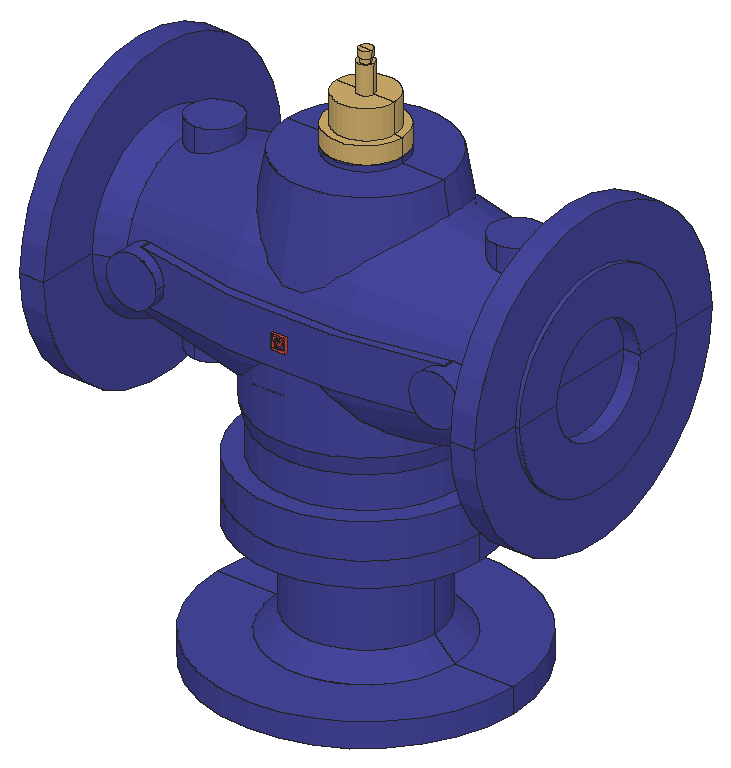
Revit family "Клапан трехходовой регулирующий, фланцевый F 4037", category Rohrzubehör, Revit 2018
Family settings
  Bemaßung runder Anschluss = Durchmesser verwenden
  Teiletyp = Unterbricht
  OmniClass-Nummer = 23.65.55.14
  OmniClass-Titel = Valves for Liquid Services
  Arbeitsebenenbasiert = Nein
  Immer vertikal = Ja
  Beim Laden mit Abzugskörper schneiden = Nein
  Gemeinsam genutzt = Nein
Parameters (values of type "kvs63")
  Среда = "Качество очистки воды должно соответствовать нормам ÖNORM H 5195 и VDI 2035 стандартам."
  Номер заказа [instance] = if(and(kvs1, Nennweite = 15 mm), 403701, if(and(kvs1.6, Nennweite = 15 mm), 403711, if(and(kvs2.5, Nennweite = 15 mm), 403721, if(and(kvs4, Nennweite = 15 mm), 403731, if(and(kvs6.3, Nennweite = 25 mm), 403703, if(and(kvs10, Nennweite = 25 mm), 403713, if(and(kvs16, Nennweite = 32 mm), 403704, if(and(kvs25, Nennweite = 40 mm), 403705, if(and(kvs40, Nennweite = 50 mm), 403706, if(and(kvs63, Nennweite = 65 mm), 403707, if(and(kvs100, Nennweite = 80 mm), 403708, if(and(kvs160, Nennweite = 100 mm), 403709, if(and(kvs250, Nennweite = 125 mm), 403710, if(and(kvs330, Nennweite = 150 mm), 403741, 0))))))))))))))  # 403707
  Вес [instance] = size_lookup("4037_", "Gewicht", 25, Nennweite)  # 25
  kvs63 = yes
  kvs6.3 = no
  kvs40 = no
  kvs4 = no
  kvs330 = no
  kvs250 = no
  kvs25 = no
  kvs2.5 = no
  kvs160 = no
  kvs16 = no
  kvs100 = no
  kvs10 = no
  kvs1.6 = no
  kvs1 = no
  Седло клапана = "WN1.4021"  # constant formula
  Конус клапана = "WN1.4021/латунь"  # constant formula
  Пропускная характеристика клапана = "равнопроцентная"  # constant formula
  URL = "www.herz-armaturen.ru"
  Шток = "WN1.4404"  # constant formula
  SCTWSEQ = "FW;SBT_TYP_FW=\"101\";3"
  SCTWCODE = "04;05;03"  # constant formula
  SCRNSEQ = "ARM;ARM_TYP=\"MISV\";3"
  SCRNCODE = "05;18;03"  # constant formula
  R14 = 4 mm  # constant formula
  R13 = 3 mm  # constant formula
  R12 = 5 mm  # constant formula
  R11 [instance] = size_lookup("4037_", "R11", 18 mm, Nennweite)  # 18 mm
  R10 [instance] = size_lookup("4037_", "R10", 23 mm, Nennweite)  # 23 mm
  R09 [instance] = size_lookup("4037_", "R9", 49 mm, Nennweite)  # 49 mm
  R08 [instance] = R00 + 3 mm  # 68 mm
  R07 [instance] = size_lookup("4037_", "R7", 15.5 mm, Nennweite)  # 15.5 mm
  R06 [instance] = size_lookup("4037_", "R6", 15.5 mm, Nennweite)  # 15.5 mm
  R05 [instance] = size_lookup("4037_", "R5", 62.5 mm, Nennweite)  # 62.5 mm
  R04 [instance] = size_lookup("4037_", "R4", 59.5 mm, Nennweite)  # 59.5 mm
  R03 [instance] = size_lookup("4037_", "R3", 43 mm, Nennweite)  # 71 mm
  R02 [instance] = size_lookup("4037_", "R2", 43 mm, Nennweite)  # 43 mm
  R01 [instance] = size_lookup("4037_", "R1", 55.5 mm, Nennweite)  # 55.5 mm
  R00 [instance] = size_lookup("4037_", "R", 65 mm, Nennweite)  # 65 mm
  PN = 16  # constant formula
  Nennweite [instance] = 65 mm
  Мин. рабочая температура = 5 °C  # constant formula
  Макс. рабочая температура = 150 °C  # constant formula
  Макс. рабочее давление = 1600000.0 Pa  # constant formula
  LO1 [instance] = size_lookup("4037_", "LO1", 28.5 mm, Nennweite)  # 68 mm
  L07 [instance] = L06 - R06  # 94.5 mm
  L06 [instance] = size_lookup("4037_", "L6", 110 mm, Nennweite)  # 110 mm
  L05 [instance] = D00  # 92.5 mm
  L04 = 12.5 mm  # constant formula
  L03 = 10 mm  # constant formula
  L02 [instance] = size_lookup("4037_", "L2", 15 mm, Nennweite)  # 15 mm
  L01 = 3 mm  # constant formula
  L00 [instance] = size_lookup("4037_", "L", 145 mm, Nennweite)  # 145 mm
  Hersteller = "Herz-Armaturen GmbH"  # constant formula
  H16 [instance] = size_lookup("4037_", "H16", 22 mm, Nennweite)  # 22 mm
  H15 = 4 mm  # constant formula
  H14 [instance] = size_lookup("4037_", "H14", 17 mm, Nennweite)  # 17 mm
  H13 [instance] = size_lookup("4037_", "H13", 18 mm, Nennweite)  # 18 mm
  H12 [instance] = size_lookup("4037_", "H12", 10.5 mm, Nennweite)  # 10.5 mm
  H11 [instance] = size_lookup("4037_", "H11", 52.5 mm, Nennweite)  # 52.5 mm
  H10 [instance] = size_lookup("4037_", "H10", 135.4 mm, Nennweite)  # 135.4 mm
  H09 = 3 mm  # constant formula
  H08 [instance] = size_lookup("4037_", "H8", 79 mm, Nennweite)  # 79 mm
  H07 [instance] = R00  # 65 mm
  H06 [instance] = size_lookup("4037_", "H6", 59 mm, Nennweite)  # 59 mm
  H05 [instance] = size_lookup("4037_", "H5", 20 mm, Nennweite)  # 20 mm
  H04 [instance] = size_lookup("4037_", "H4", 17 mm, Nennweite)  # 17 mm
  H02 [instance] = size_lookup("4037_", "H2", 38 mm, Nennweite)  # 38 mm
  H01 [instance] = size_lookup("4037_", "H1", 208 mm, Nennweite)  # 208 mm
  H03 [instance] = size_lookup("4037_", "H3", 112 mm, Nennweite)  # 112 mm
  Корпус = "EN-GJL-250 (EN 1561)"  # constant formula
  Материал уплотнения = "70EPDM"  # constant formula
  DN80 [instance] = Nennweite = 80 mm  # no
  DN65 [instance] = Nennweite = 65 mm  # yes
  DN50 [instance] = Nennweite = 50 mm  # no
  DN40 [instance] = Nennweite = 40 mm  # no
  DN32 [instance] = Nennweite = 32 mm  # no
  DN25 [instance] = Nennweite = 25 mm  # no
  DN150 [instance] = Nennweite = 150 mm  # no
  DN15 [instance] = Nennweite = 15 mm  # no
  DN125 [instance] = Nennweite = 125 mm  # no
  DN100 [instance] = Nennweite = 100 mm  # no
  D02 [instance] = Nennweite / 2  # 32.5 mm
  D01 [instance] = size_lookup("4037_", "D1", 61 mm, Nennweite)  # 61 mm
  D00 [instance] = size_lookup("4037_", "D", 92.5 mm, Nennweite)  # 92.5 mm
  Область применения = "Клапан применяется в системах отопления, вентиляции и кондиционирования воздуха, в производственных и технологических процессах. Трехходовой фланцевый клапан используется как смесительный клапан и в случае, когда следует изменить направление циркуляции воды с одного трубопровода на другой. Пропускная характеристика клапана - равнопроцентная. Соотношение регулирования (соотношение между пропускной\r\nспособностью при номинальной высоте хода Kvs и минимальным значением пропускной способности,\r\nпри которой погрешность регулирования находится в пределах номинального допуска Kvmin) - 30. Выбор\r\nтрехходового фланцевого клапана осущетвляется в соответствии с диаграммой значений kvs."
  Фланцевое соединение = "EN 1092-2"  # constant formula
Types (15, lengths in mm): name | Среда | Номер заказа | Вес | kvs63 | kvs6.3 | kvs40 | kvs4 | kvs330 | kvs250 | kvs25 | kvs2.5 | kvs160 | kvs16 | kvs100 | kvs10 | kvs1.6 | kvs1 | R11 | R10 | R09 | R08 | R07 | R06 | R05 | R04 | R03 | R02 | R01 | R00 | Nennweite | LO1 | L07 | L06 | L05 | L02 | L00 | H16 | H14 | H13 | H12 | H11 | H10 | H08 | H07 | H06 | H05 | H04 | H02 | H01 | H03 | DN80 | DN65 | DN50 | DN40 | DN32 | DN25 | DN150 | DN15 | DN125 | DN100 | D02 | D01 | D00
  (no name) | "Качество очистки воды должно соответствовать нормам ÖNORM H 5195 и VDI 2035 стандартам." | 403707 | 25 | yes | no | no | no | no | no | no | no | no | no | no | no | no | no | 18 | 23 | 49 | 68 | 15.5 | 15.5 | 62.5 | 59.5 | 71 | 43 | 55.5 | 65 | 65 | 68 | 94.5 | 110 | 92.5 | 15 | 145 | 22 | 17 | 18 | 10.5 | 52.5 | 135.4 | 79 | 65 | 59 | 20 | 17 | 38 | 208 | 112 | no | yes | no | no | no | no | no | no | no | no | 32.5 | 61 | 92.5
  kvs1 | "Качество очистки воды должно соответствовать нормам ÖNORM H 5195 и VDI 2035 стандартам." | 403701 | 5 | no | no | no | no | no | no | no | no | no | no | no | no | no | yes | 10 | 15 | 19.5 | 29.5 | 6 | 6 | 24 | 21 | 32.5 | 14 | 17 | 26.5 | 15 | 27.5 | 34 | 40 | 47.5 | 11 | 65 | 18 | 13 | 14 | 6.8 | 40.8 | 80.3 | 36.5 | 26.5 | 24.5 | 5 | 13 | 11 | 110 | 49 | no | no | no | no | no | no | no | yes | no | no | 7.5 | 22.5 | 47.5
  kvs1.6 | "Качество очистки воды должно соответствовать нормам ÖNORM H 5195 и VDI 2035 стандартам." | 403711 | 5 | no | no | no | no | no | no | no | no | no | no | no | no | yes | no | 10 | 15 | 19.5 | 29.5 | 6 | 6 | 24 | 21 | 32.5 | 14 | 17 | 26.5 | 15 | 27.5 | 34 | 40 | 47.5 | 11 | 65 | 18 | 13 | 14 | 6.8 | 40.8 | 80.3 | 36.5 | 26.5 | 24.5 | 5 | 13 | 11 | 110 | 49 | no | no | no | no | no | no | no | yes | no | no | 7.5 | 22.5 | 47.5
  kvs2.5 | "Качество очистки воды должно соответствовать нормам ÖNORM H 5195 и VDI 2035 стандартам." | 403721 | 5 | no | no | no | no | no | no | no | yes | no | no | no | no | no | no | 10 | 15 | 19.5 | 29.5 | 6 | 6 | 24 | 21 | 32.5 | 14 | 17 | 26.5 | 15 | 27.5 | 34 | 40 | 47.5 | 11 | 65 | 18 | 13 | 14 | 6.8 | 40.8 | 80.3 | 36.5 | 26.5 | 24.5 | 5 | 13 | 11 | 110 | 49 | no | no | no | no | no | no | no | yes | no | no | 7.5 | 22.5 | 47.5
  kvs4 | "Качество очистки воды должно соответствовать нормам ÖNORM H 5195 и VDI 2035 стандартам." | 403731 | 5 | no | no | no | yes | no | no | no | no | no | no | no | no | no | no | 10 | 15 | 19.5 | 29.5 | 6 | 6 | 24 | 21 | 32.5 | 14 | 17 | 26.5 | 15 | 27.5 | 34 | 40 | 47.5 | 11 | 65 | 18 | 13 | 14 | 6.8 | 40.8 | 80.3 | 36.5 | 26.5 | 24.5 | 5 | 13 | 11 | 110 | 49 | no | no | no | no | no | no | no | yes | no | no | 7.5 | 22.5 | 47.5
  kvs6.3 | "Качество очистки воды должно соответствовать нормам ÖNORM H 5195 и VDI 2035 стандартам." | 403703 | 8 | no | yes | no | no | no | no | no | no | no | no | no | no | no | no | 10 | 15 | 19.5 | 41 | 7 | 7 | 35.5 | 32.5 | 44 | 19.5 | 28.5 | 38 | 25 | 40 | 45 | 52 | 57.5 | 13 | 80 | 20 | 13 | 14 | 6.8 | 40.8 | 88.3 | 44.5 | 38 | 35 | 5 | 15 | 3 | 121 | 64 | no | no | no | no | no | yes | no | no | no | no | 12.5 | 34 | 57.5
  kvs10 | "Качество очистки воды должно соответствовать нормам ÖNORM H 5195 и VDI 2035 стандартам." | 403713 | 8 | no | no | no | no | no | no | no | no | no | no | no | yes | no | no | 10 | 15 | 19.5 | 41 | 7 | 7 | 35.5 | 32.5 | 44 | 19.5 | 28.5 | 38 | 25 | 40 | 45 | 52 | 57.5 | 13 | 80 | 20 | 13 | 14 | 6.8 | 40.8 | 88.3 | 44.5 | 38 | 35 | 5 | 15 | 3 | 121 | 64 | no | no | no | no | no | yes | no | no | no | no | 12.5 | 34 | 57.5
  kvs16 | "Качество очистки воды должно соответствовать нормам ÖNORM H 5195 и VDI 2035 стандартам." | 403704 | 11.5 | no | no | no | no | no | no | no | no | no | yes | no | no | no | no | 10 | 15 | 20.5 | 46 | 9 | 9 | 40.5 | 37.5 | 49 | 24.5 | 33.5 | 43 | 32 | 45 | 51 | 60 | 70 | 13 | 90 | 20 | 17 | 18 | 10.5 | 52.5 | 102 | 46.5 | 43 | 39 | 15 | 15 | 4 | 142 | 84 | no | no | no | no | yes | no | no | no | no | no | 16 | 39 | 70
  kvs25 | "Качество очистки воды должно соответствовать нормам ÖNORM H 5195 и VDI 2035 стандартам." | 403705 | 13 | no | no | no | no | no | no | yes | no | no | no | no | no | no | no | 10 | 15 | 20.5 | 51 | 12 | 12 | 45.5 | 42.5 | 54 | 29 | 38.5 | 48 | 40 | 50 | 56 | 68 | 75 | 13 | 100 | 20 | 17 | 18 | 10.5 | 52.5 | 112 | 56.5 | 48 | 43 | 20 | 15 | 1 | 149 | 94 | no | no | no | yes | no | no | no | no | no | no | 20 | 44 | 75
  kvs63 | "Качество очистки воды должно соответствовать нормам ÖNORM H 5195 и VDI 2035 стандартам." | 403707 | 25 | yes | no | no | no | no | no | no | no | no | no | no | no | no | no | 18 | 23 | 49 | 68 | 15.5 | 15.5 | 62.5 | 59.5 | 71 | 43 | 55.5 | 65 | 65 | 68 | 94.5 | 110 | 92.5 | 15 | 145 | 22 | 17 | 18 | 10.5 | 52.5 | 135.4 | 79 | 65 | 59 | 20 | 17 | 38 | 208 | 112 | no | yes | no | no | no | no | no | no | no | no | 32.5 | 61 | 92.5
  kvs100 | "Качество очистки воды должно соответствовать нормам ÖNORM H 5195 и VDI 2035 стандартам." | 403708 | 31 | no | no | no | no | no | no | no | no | no | no | yes | no | no | no | 18 | 23 | 49 | 76 | 15.5 | 15.5 | 70.5 | 67.5 | 79 | 51 | 63.5 | 73 | 80 | 77 | 99.5 | 115 | 100 | 17 | 155 | 24 | 17 | 18 | 10.5 | 52.5 | 168.5 | 113 | 73 | 65 | 20 | 19 | 46 | 233 | 125 | yes | no | no | no | no | no | no | no | no | no | 40 | 69 | 100
  kvs160 | "Качество очистки воды должно соответствовать нормам ÖNORM H 5195 и VDI 2035 стандартам." | 403709 | 46 | no | no | no | no | no | no | no | no | yes | no | no | no | no | no | 30 | 35 | 61 | 86 | 20.5 | 20.5 | 80.5 | 77.5 | 89 | 61 | 73.5 | 83 | 100 | 88 | 112.5 | 133 | 110 | 17 | 175 | 24 | 21 | 22 | 14.2 | 64.2 | 189.7 | 122.5 | 83 | 73 | 25 | 19 | 65 | 262 | 135 | no | no | no | no | no | no | no | no | no | yes | 50 | 79 | 110
  kvs250 | "" | 403710 | 72 | no | no | no | no | no | yes | no | no | no | no | no | no | no | no | 30 | 35 | 61 | 101 | 20.5 | 20.5 | 95.5 | 92.5 | 104 | 76 | 88.5 | 98 | 125 | 103 | 134.5 | 155 | 125 | 19 | 200 | 26 | 21 | 22 | 14.2 | 64.2 | 231 | 163.5 | 98 | 80 | 30 | 21 | 44 | 268 | 158 | no | no | no | no | no | no | no | no | yes | no | 62.5 | 94 | 125
  kvs330 | "Качество очистки воды должно соответствовать нормам ÖNORM H 5195 и VDI 2035 стандартам." | 403741 | 91 | no | no | no | no | yes | no | no | no | no | no | no | no | no | no | 30 | 35 | 61 | 113 | 20.5 | 20.5 | 107.5 | 104.5 | 116 | 88 | 100.5 | 110 | 150 | 115 | 174.5 | 195 | 142.5 | 19 | 240 | 26 | 21 | 22 | 14.2 | 64.2 | 237.5 | 170 | 110 | 85 | 25 | 21 | 42 | 261 | 153 | no | no | no | no | no | no | yes | no | no | no | 75 | 106 | 142.5
  kvs40 | "Качество очистки воды должно соответствовать нормам ÖNORM H 5195 и VDI 2035 стандартам." | 403706 | 16 | no | no | yes | no | no | no | no | no | no | no | no | no | no | no | 18 | 23 | 49 | 56 | 13.5 | 13.5 | 52.5 | 49.5 | 61 | 34 | 45.5 | 53 | 50 | 56 | 66.5 | 80 | 82.5 | 15 | 115 | 20 | 17 | 18 | 10.5 | 52.5 | 122 | 66.5 | 53 | 43 | 1 | 15 | 42 | 167 | 67 | no | no | yes | no | no | no | no | no | no | no | 25 | 51 | 82.5
Reference planes
  plane 1 "Mitte (Vorne/hinten)": y = 0
  plane 2: z = 0
  plane 3 "Mitte (Links/rechts)": x = 0
Forms (mm)
  Revolve 1, solid, material "kunststoff-BLAU", detail levels fine
    sketch origin (1065, 0, 0) x (1, 0, 0) y (0, 1, 0)
      loop
        line (-1207, 61) -> (-1210, 61) -> (-1210, 32.5) -> (-1200, 32.5) -> (-1200, 0) -> (-930, 0) -> (-930, 32.5) -> (-920, 32.5) -> (-920, 61) -> (-923, 61) -> (-923, 92.5) -> (-938, 92.5) -> (-938, 55.5) -> (-955, 49.943)
        arc (-955, 49.943) -> (-1065, 65) -> (-1175, 49.943) r 409.331
        line (-1175, 49.943) -> (-1192, 55.5) -> (-1192, 92.5) -> (-1207, 92.5) -> (-1207, 61)
      axis (-920, 0) -> (-1210, 0)
    angle from 0 to 360
  Extrusion 2, solid, material "kunststoff-BLAU", detail levels fine
    sketch origin (0, 0, 0) x (-1, 0, 0) y (0, 0, -1)
      loop
        circle (94.5, 0) r 15.5
      loop
        circle (-94.5, 0) r 15.5
    from -65 to 65
  Extrusion 3, solid, material "kunststoff-BLAU", visible <- "DN65", detail levels fine
    sketch origin (0, 0, 0) x (1, 0, 0) y (0, 1, 0)
      loop
        arc (-95, -56.907) -> (0, -68) -> (95, -56.907) r 412.331
        line (95, -56.907) -> (95, 56.907)
        arc (95, 56.907) -> (0, 68) -> (-95, 56.907) r 412.331
        line (-95, 56.907) -> (-95, -56.907)
    from -15.5 to 15.5
  Revolve 4, solid, material "kunststoff-BLAU", detail levels fine
    sketch origin (0, 0, 0) x (1, 0, 0) y (0, 0, 1)
      loop
        line (-49, 79) -> (-62.5, 0) -> (0, 0) -> (0, 82) -> (-23, 82) -> (-23, 79) -> (-49, 79)
      axis (0, 82) -> (0, 0)
    angle from 0 to 360
  Revolve 5, solid, material "kunststoff-BLAU", detail levels fine
    sketch origin (0, 0, 0) x (1, 0, 0) y (0, 0, 1)
      loop
        line (0, 0) -> (-62.5, 0) -> (-62.5, -59) -> (-59.5, -70) -> (-59.5, -90) -> (-71, -90) -> (-71, -112) -> (0, -112) -> (0, 0)
      axis (0, 0) -> (0, -112)
    angle from 0 to 360
  Revolve 6, solid, material "kunststoff-BLAU", detail levels fine
    sketch origin (0, 0, 0) x (1, 0, 0) y (0, 0, 1)
      loop
        line (-61, -205) -> (-61, -208) -> (-32.5, -208) -> (-32.5, -198) -> (0, -198) -> (0, -112) -> (-71, -112) -> (-71, -127) -> (-55.5, -127) -> (-43, -139.5) -> (-43, -177.5) -> (-55.5, -190) -> (-92.5, -190) -> (-92.5, -205) -> (-61, -205)
      axis (0, -112) -> (0, -208)
    angle from 0 to 360
  Extrusion 7, solid, material "kunststoff-BLAU", detail levels fine
    sketch origin (0, 0, 0) x (0, -1, 0) y (1, 0, 0)
      loop
        circle (0, -94.5) r 15.5
      loop
        circle (0, 94.5) r 15.5
    from -65 to 65
  Extrusion 8, solid, material "kunststoff-BLAU", visible <- "DN150", detail levels fine
    sketch origin (0, 0, 0) x (1, 0, 0) y (0, 1, 0)
      loop
        arc (-179.5, -78.475) -> (0, -115) -> (179.5, -78.475) r 459.331
        line (179.5, -78.475) -> (179.5, 78.475)
        arc (179.5, 78.475) -> (0, 115) -> (-179.5, 78.475) r 459.331
        line (-179.5, 78.475) -> (-179.5, -78.475)
    from -20.5 to 20.5
  Extrusion 9, solid, material "kunststoff-BLAU", visible <- "DN125", detail levels fine
    sketch origin (0, 0, 0) x (1, 0, 0) y (0, 1, 0)
      loop
        arc (-134.5, -82.301) -> (0, -103) -> (134.5, -82.301) r 447.331
        line (134.5, -82.301) -> (134.5, 82.301)
        arc (134.5, 82.301) -> (0, 103) -> (-134.5, 82.301) r 447.331
        line (-134.5, 82.301) -> (-134.5, -82.301)
    from -20.5 to 20.5
  Extrusion 10, solid, material "kunststoff-BLAU", visible <- "DN100", detail levels fine
    sketch origin (0, 0, 0) x (1, 0, 0) y (0, 1, 0)
      loop
        arc (-112.5, -73.106) -> (0, -88) -> (112.5, -73.106) r 432.331
        line (112.5, -73.106) -> (112.5, 73.106)
        arc (112.5, 73.106) -> (0, 88) -> (-112.5, 73.106) r 432.331
        line (-112.5, 73.106) -> (-112.5, -73.106)
    from -20.5 to 20.5
  Extrusion 11, solid, material "kunststoff-BLAU", visible <- "DN80", detail levels fine
    sketch origin (0, 0, 0) x (1, 0, 0) y (0, 1, 0)
      loop
        line (99.5, -65.083) -> (99.5, 65.083)
        arc (99.5, 65.083) -> (0, 77) -> (-99.5, 65.083) r 421.331
        line (-99.5, 65.083) -> (-99.5, -65.083)
        arc (-99.5, -65.083) -> (0, -77) -> (99.5, -65.083) r 421.331
    from -15.5 to 15.5
  Extrusion 12, solid, material "kunststoff-BLAU", visible <- "DN50", detail levels fine
    sketch origin (0, 0, 0) x (1, 0, 0) y (0, 1, 0)
      loop
        arc (-66.5, -50.44) -> (0, -56.006) -> (66.5, -50.44) r 400.05
        line (66.5, -50.44) -> (66.5, 50.44)
        arc (66.5, 50.44) -> (0, 56.006) -> (-66.5, 50.44) r 400.05
        line (-66.5, 50.44) -> (-66.5, -50.44)
    from -13.5 to 13.5
  Extrusion 13, solid, material "kunststoff-BLAU", visible <- "DN40", detail levels fine
    sketch origin (0, 0, 0) x (1, 0, 0) y (0, 1, 0)
      loop
        arc (-56, -46.003) -> (0, -50) -> (56, -46.003) r 394.331
        line (56, -46.003) -> (56, 46.003)
        arc (56, 46.003) -> (0, 50) -> (-56, 46.003) r 394.331
        line (-56, 46.003) -> (-56, -46.003)
    from -12 to 12
  Extrusion 14, solid, material "kunststoff-BLAU", visible <- "DN32", detail levels fine
    sketch origin (0, 0, 0) x (1, 0, 0) y (0, 1, 0)
      loop
        arc (-51, -41.645) -> (0, -45) -> (51, -41.645) r 389.331
        line (51, -41.645) -> (51, 41.645)
        arc (51, 41.645) -> (0, 45) -> (-51, 41.645) r 389.331
        line (-51, 41.645) -> (-51, -41.645)
    from -9 to 9
  Extrusion 15, solid, material "kunststoff-BLAU", visible <- "DN25", detail levels fine
    sketch origin (0, 0, 0) x (1, 0, 0) y (0, 1, 0)
      loop
        line (45, -37.356) -> (45, 37.356)
        arc (45, 37.356) -> (0, 40) -> (-45, 37.356) r 384.331
        line (-45, 37.356) -> (-45, -37.356)
        arc (-45, -37.356) -> (0, -40) -> (45, -37.356) r 384.331
    from -7 to 7
  Extrusion 16, solid, material "kunststoff-BLAU", visible <- "DN15", detail levels fine
    sketch origin (0, 0, 0) x (1, 0, 0) y (0, 1, 0)
      loop
        line (-34, 25.942) -> (-34, -25.942)
        arc (-34, -25.942) -> (0, -27.5) -> (34, -25.942) r 371.831
        line (34, -25.942) -> (34, 25.942)
        arc (34, 25.942) -> (0, 27.5) -> (-34, 25.942) r 371.831
    from -6 to 6
  Revolve 17, solid, material "Messing-poliert", detail levels fine
    sketch origin (0, 0, 0) x (1, 0, 0) y (0, 0, 1)
      loop
        line (-23, 93.4) -> (-23, 82.9) -> (0, 82.9) -> (0, 135.4) -> (-4, 135.4) -> (-4, 131.4) -> (-3, 131.4) -> (-3, 128.4) -> (-5, 128.4) -> (-5, 111.4) -> (-18, 111.4) -> (-18, 93.4) -> (-23, 93.4)
      axis (0, 135.4) -> (0, 82.9)
    angle from 0 to 360
Lines and regions (mm)
  model lines, detail levels coarse+medium
    curve 1: line (-145, 0, 92.5) -> (-145, 0, -92.5)
    curve 2: line (-145, 0, -92.5) -> (145, 0, 92.5)
    curve 3: line (145, 0, 92.5) -> (145, 0, -92.5)
    curve 4: line (145, 0, -92.5) -> (-145, 0, 92.5)
    curve 5: line (0, 0, 0) -> (92.5, 0, -208)
    curve 6: line (92.5, 0, -208) -> (-92.5, 0, -208)
    curve 7: line (-92.5, 0, -208) -> (0, 0, 0)
    curve 8: line (-145, 92.5, 0) -> (-145, -92.5, 0)
    curve 9: line (-145, -92.5, 0) -> (145, 92.5, 0)
    curve 10: line (145, 92.5, 0) -> (145, -92.5, 0)
    curve 11: line (145, -92.5, 0) -> (-145, 92.5, 0)
    curve 12: line (0, 0, 0) -> (92.5, -208, 0)
    curve 13: line (92.5, -208, 0) -> (-92.5, -208, 0)
    curve 14: line (-92.5, -208, 0) -> (0, 0, 0)
Dimensions and locks
  "L00": Revolve 1 sketch curve to plane 3 "Mitte (Links/rechts)" to Revolve 1 sketch curve
  "D00": plane 1 "Mitte (Vorne/hinten)" to Revolve 1 sketch curve  (x2)
  "D02": plane 1 "Mitte (Vorne/hinten)" to Revolve 1 sketch curve  (x2)
  "L01": Revolve 1 sketch curve to Revolve 1 sketch curve  (x2)
  "L02": Revolve 1 sketch curve to Revolve 1 sketch curve  (x2)
  "D01": plane 1 "Mitte (Vorne/hinten)" to Revolve 1 sketch curve  (x2)
  "R01": plane 1 "Mitte (Vorne/hinten)" to Revolve 1 sketch curve  (x2)
  "R00": Revolve 1 sketch curve to Revolve 1 sketch curve
  "L03": Revolve 1 sketch curve to Revolve 1 sketch curve  (x2)
  "D02": plane 3 "Mitte (Links/rechts)" to Revolve 6 sketch curve
  "R02": plane 3 "Mitte (Links/rechts)" to Revolve 6 sketch curve
  "R01": plane 3 "Mitte (Links/rechts)" to Revolve 6 sketch curve  (x2)
  "D01": plane 3 "Mitte (Links/rechts)" to Revolve 6 sketch curve
  "D00": plane 3 "Mitte (Links/rechts)" to Revolve 6 sketch curve
  "H01": plane 2 to Revolve 6 sketch curve
  "L01": Revolve 6 sketch curve to Revolve 6 sketch curve
  "L02": Revolve 6 sketch curve to Revolve 6 sketch curve  (x2)
  "L03": Revolve 6 sketch curve to Revolve 6 sketch curve
  "R03": plane 3 "Mitte (Links/rechts)" to Revolve 6 sketch curve
  "L04": Revolve 6 sketch curve to Revolve 6 sketch curve  (x2)
  "R03": Revolve 5 sketch curve to Revolve 5 sketch curve
  "H03": plane 2 to Revolve 5 sketch curve
  "H06": Revolve 5 sketch curve to Revolve 5 sketch curve
  "R04": Revolve 5 sketch curve to Revolve 5 sketch curve
  "R05": Revolve 5 sketch curve to Revolve 5 sketch curve
  "H05": Revolve 5 sketch curve to Revolve 5 sketch curve
  "L06": Revolve 1 sketch curve to plane 3 "Mitte (Links/rechts)" to Revolve 1 sketch curve
  "H03": plane 2 to Revolve 6 sketch curve
  "R09": Revolve 4 sketch curve to Revolve 4 sketch curve
  "R05": Revolve 4 sketch curve to Revolve 4 sketch curve
  "H07": Extrusion 7 to plane 2 to Extrusion 7  (x2)
  "L07": plane 3 "Mitte (Links/rechts)" to Extrusion 7 sketch curve
  "L07": Extrusion 7 sketch curve to plane 3 "Mitte (Links/rechts)"
  "H07": Extrusion 2 to plane 1 "Mitte (Vorne/hinten)"  (x3)
  "L07": plane 3 "Mitte (Links/rechts)" to Extrusion 2 sketch curve
  "L07": Extrusion 2 sketch curve to plane 3 "Mitte (Links/rechts)"
  "H07": plane 1 "Mitte (Vorne/hinten)" to Extrusion 2
  "H08": Revolve 4 sketch curve to plane 2
  "H09": Revolve 4 sketch curve to Revolve 4 sketch curve
  "R10": plane 3 "Mitte (Links/rechts)" to Revolve 4 sketch curve
  "H11": Revolve 17 sketch curve to Revolve 17 sketch curve
  "H10": Revolve 17 sketch curve to plane 2
  "R10": plane 3 "Mitte (Links/rechts)" to Revolve 17 sketch curve
  "H12": Revolve 17 sketch curve to Revolve 17 sketch curve
  "H13": Revolve 17 sketch curve to Revolve 17 sketch curve
  "H14": Revolve 17 sketch curve to Revolve 17 sketch curve
  "H15": Revolve 17 sketch curve to Revolve 17 sketch curve
  "R14": plane 3 "Mitte (Links/rechts)" to Revolve 17 sketch curve
  "R13": plane 3 "Mitte (Links/rechts)" to Revolve 17 sketch curve
  "R11": plane 3 "Mitte (Links/rechts)" to Revolve 17 sketch curve
  "R12": plane 3 "Mitte (Links/rechts)" to Revolve 17 sketch curve
  "LO1": nested 1 to plane 1 "Mitte (Vorne/hinten)"
  "H16": Revolve 5 sketch curve to Revolve 6
  "L00": curve 1 to plane 3 "Mitte (Links/rechts)" to curve 3
  "D00": curve 3 to plane 2 to curve 4
  "D00": curve 4 to plane 2 to curve 2
  "H01": plane 2 to curve 6
  "D00": curve 6 to plane 3 "Mitte (Links/rechts)" to curve 7
  "L00": curve 8 to plane 3 "Mitte (Links/rechts)" to curve 10
  "D00": curve 11 to plane 1 "Mitte (Vorne/hinten)" to curve 10
  "D00": curve 9 to plane 1 "Mitte (Vorne/hinten)" to curve 11
  "H01": curve 13 to plane 1 "Mitte (Vorne/hinten)"
  "D00": curve 14 to plane 3 "Mitte (Links/rechts)" to curve 13
  "R06": radius of Extrusion 7 sketch curve  (x2)
  "R07": radius of Extrusion 2 sketch curve  (x2)
  aligned and locked: level to plane 2
Automatic sketch dimensions
  Extrusion 3 sketch curve to plane 1 "Mitte (Vorne/hinten)" = 56.907 mm  (x2)
  Extrusion 3 sketch curve to plane 3 "Mitte (Links/rechts)" = 0 mm  (x2)
  Extrusion 3 sketch curve to Extrusion 3 sketch curve = 113.814 mm
  Extrusion 3 sketch curve to Extrusion 3 sketch curve = 287.425 mm
  Extrusion 3 sketch curve to plane 1 "Mitte (Vorne/hinten)" = 344.331 mm
  plane 3 "Mitte (Links/rechts)" to Extrusion 3 sketch curve = 95 mm
  Extrusion 8 sketch curve to plane 3 "Mitte (Links/rechts)" = 0 mm  (x2)
  Extrusion 8 sketch curve to plane 1 "Mitte (Vorne/hinten)" = 78.475 mm  (x2)
  plane 1 "Mitte (Vorne/hinten)" to Extrusion 8 sketch curve = 78.475 mm
  Extrusion 8 sketch curve to plane 3 "Mitte (Links/rechts)" = 179.5 mm
  Extrusion 8 sketch curve to Extrusion 8 sketch curve = 265.857 mm
  Extrusion 8 sketch curve to plane 1 "Mitte (Vorne/hinten)" = 344.331 mm
  plane 3 "Mitte (Links/rechts)" to Extrusion 9 sketch curve = 134.5 mm
  plane 1 "Mitte (Vorne/hinten)" to Extrusion 9 sketch curve = 82.301 mm  (x2)
  Extrusion 9 sketch curve to plane 3 "Mitte (Links/rechts)" = 0 mm  (x2)
  Extrusion 9 sketch curve to Extrusion 9 sketch curve = 262.031 mm  (x2)
  Extrusion 9 sketch curve to plane 1 "Mitte (Vorne/hinten)" = 82.301 mm
  Extrusion 10 sketch curve to plane 3 "Mitte (Links/rechts)" = 0 mm  (x2)
  plane 1 "Mitte (Vorne/hinten)" to Extrusion 10 sketch curve = 73.106 mm
  Extrusion 10 sketch curve to plane 3 "Mitte (Links/rechts)" = 112.5 mm
  Extrusion 10 sketch curve to Extrusion 10 sketch curve = 271.225 mm
  Extrusion 10 sketch curve to plane 1 "Mitte (Vorne/hinten)" = 344.331 mm
  Extrusion 10 sketch curve to plane 1 "Mitte (Vorne/hinten)" = 73.106 mm  (x2)
  Extrusion 11 sketch curve to plane 3 "Mitte (Links/rechts)" = 0 mm  (x2)
  plane 1 "Mitte (Vorne/hinten)" to Extrusion 11 sketch curve = 65.083 mm  (x2)
  Extrusion 11 sketch curve to plane 3 "Mitte (Links/rechts)" = 99.5 mm
  Extrusion 11 sketch curve to Extrusion 11 sketch curve = 279.249 mm
  Extrusion 11 sketch curve to plane 1 "Mitte (Vorne/hinten)" = 344.331 mm
  Extrusion 11 sketch curve to plane 1 "Mitte (Vorne/hinten)" = 65.083 mm
  Extrusion 12 sketch curve to plane 3 "Mitte (Links/rechts)" = 0 mm  (x2)
  Extrusion 12 sketch curve to plane 3 "Mitte (Links/rechts)" = 66.5 mm
  plane 3 "Mitte (Links/rechts)" to Extrusion 12 sketch curve = 66.5 mm
  plane 1 "Mitte (Vorne/hinten)" to Extrusion 12 sketch curve = 344.044 mm
  plane 1 "Mitte (Vorne/hinten)" to Extrusion 12 sketch curve = 50.44 mm
  Extrusion 12 sketch curve to plane 1 "Mitte (Vorne/hinten)" = 50.44 mm
  Extrusion 12 sketch curve to Extrusion 12 sketch curve = 293.604 mm
  Extrusion 13 sketch curve to plane 3 "Mitte (Links/rechts)" = 0 mm  (x2)
  Extrusion 13 sketch curve to plane 3 "Mitte (Links/rechts)" = 56 mm
  plane 3 "Mitte (Links/rechts)" to Extrusion 13 sketch curve = 56 mm
  plane 1 "Mitte (Vorne/hinten)" to Extrusion 13 sketch curve = 344.331 mm
  plane 1 "Mitte (Vorne/hinten)" to Extrusion 13 sketch curve = 46.003 mm
  Extrusion 13 sketch curve to plane 1 "Mitte (Vorne/hinten)" = 46.003 mm
  Extrusion 13 sketch curve to Extrusion 13 sketch curve = 298.328 mm
  Extrusion 14 sketch curve to plane 3 "Mitte (Links/rechts)" = 0 mm  (x2)
  Extrusion 14 sketch curve to plane 3 "Mitte (Links/rechts)" = 51 mm
  plane 3 "Mitte (Links/rechts)" to Extrusion 14 sketch curve = 51 mm
  plane 1 "Mitte (Vorne/hinten)" to Extrusion 14 sketch curve = 344.331 mm
  plane 1 "Mitte (Vorne/hinten)" to Extrusion 14 sketch curve = 41.645 mm
  Extrusion 14 sketch curve to plane 1 "Mitte (Vorne/hinten)" = 41.645 mm
  Extrusion 14 sketch curve to Extrusion 14 sketch curve = 302.686 mm
  Extrusion 15 sketch curve to plane 3 "Mitte (Links/rechts)" = 0 mm  (x2)
  Extrusion 15 sketch curve to plane 3 "Mitte (Links/rechts)" = 45 mm
  plane 3 "Mitte (Links/rechts)" to Extrusion 15 sketch curve = 45 mm
  plane 1 "Mitte (Vorne/hinten)" to Extrusion 15 sketch curve = 344.331 mm
  plane 1 "Mitte (Vorne/hinten)" to Extrusion 15 sketch curve = 37.356 mm
  Extrusion 15 sketch curve to plane 1 "Mitte (Vorne/hinten)" = 37.356 mm
  Extrusion 15 sketch curve to Extrusion 15 sketch curve = 306.975 mm
  Extrusion 16 sketch curve to plane 3 "Mitte (Links/rechts)" = 0 mm  (x2)
  Extrusion 16 sketch curve to plane 3 "Mitte (Links/rechts)" = 34 mm
  plane 3 "Mitte (Links/rechts)" to Extrusion 16 sketch curve = 34 mm
  plane 1 "Mitte (Vorne/hinten)" to Extrusion 16 sketch curve = 344.331 mm
  plane 1 "Mitte (Vorne/hinten)" to Extrusion 16 sketch curve = 25.942 mm
  Extrusion 16 sketch curve to plane 1 "Mitte (Vorne/hinten)" = 25.942 mm
  Extrusion 16 sketch curve to Extrusion 16 sketch curve = 318.389 mm
  curve 5 to level = 0 mm
  plane 1 "Mitte (Vorne/hinten)" to curve 12 = 0 mm
  Revolve 1 sketch curve to plane 1 "Mitte (Vorne/hinten)" = 0 mm
  Revolve 1 sketch curve to plane 3 "Mitte (Links/rechts)" = 0 mm
  plane 1 "Mitte (Vorne/hinten)" to Revolve 1 sketch curve = 0 mm
  plane 1 "Mitte (Vorne/hinten)" to Revolve 1 sketch curve = 344.331 mm
  Revolve 1 sketch curve to Revolve 1 sketch curve = 1855 mm  (x2)
  Extrusion 2 sketch curve to level = 0 mm  (x2)
  Revolve 4 sketch curve to level = 0 mm
  Revolve 4 sketch curve to plane 3 "Mitte (Links/rechts)" = 0 mm  (x2)
  Revolve 4 sketch curve to Revolve 4 sketch curve = 366.045 mm
  Revolve 4 sketch curve to Revolve 4 sketch curve = 2132.315 mm
  Revolve 5 sketch curve to level = 0 mm
  Revolve 5 sketch curve to plane 3 "Mitte (Links/rechts)" = 0 mm  (x2)
  Revolve 5 sketch curve to Revolve 5 sketch curve = 254.045 mm
  level to Revolve 5 sketch curve = 2214.315 mm
  Revolve 6 sketch curve to plane 3 "Mitte (Links/rechts)" = 0 mm  (x2)
  Revolve 6 sketch curve to Revolve 6 sketch curve = 158.045 mm
  level to Revolve 6 sketch curve = 2214.315 mm
  plane 1 "Mitte (Vorne/hinten)" to Extrusion 7 sketch curve = 0 mm  (x2)
  Revolve 17 sketch curve to plane 3 "Mitte (Links/rechts)" = 0 mm  (x2)
  Revolve 17 sketch curve to level = 366.045 mm
  Revolve 17 sketch curve to Revolve 17 sketch curve = 2079.815 mm
Nested families
  nested 1: "Herz-Logo-vorne" at (-0.018, -68, 0) x (0, 1, 0) z (0, 0, 1), type "Herz-Logo-vorne", detail levels fine
Connectors
  piping at (-145, 0, 0), diameter 65, driven by "Nennweite"
    settings: on Revolve 1, index 1, connector inside diameter 609.6 mm, connector length 0 mm, flow factor 0, pipe flow 0.0 L/s, pressure drop 0.0 Pa, fitting loss kfactor 0, connector angle 0.00°, fixture units 0, engagement length 0 mm, angle of deflection 0.00°, flow configuration 0, flow direction 1, fitting loss method 0, system type 29, joint type 0, gender type 0, connector reference index -1, connector utility 0, adjustable connector no, is connector primary yes, connector description ""
  piping at (145, 0, 0), diameter 65, driven by "Nennweite"
    settings: on Revolve 1, index 2, connector inside diameter 609.6 mm, connector length 0 mm, flow factor 0, pipe flow 0.0 L/s, pressure drop 0.0 Pa, fitting loss kfactor 0, connector angle 0.00°, fixture units 0, engagement length 0 mm, angle of deflection 0.00°, flow configuration 0, flow direction 2, fitting loss method 0, system type 29, joint type 0, gender type 0, connector reference index -1, connector utility 0, adjustable connector no, is connector primary no, connector description ""
  piping at (0, 0, -208), diameter 65, driven by "Nennweite"
    settings: on Revolve 6, index 3, connector inside diameter 609.6 mm, connector length 0 mm, flow factor 0, pipe flow 0.0 L/s, pressure drop 0.0 Pa, fitting loss kfactor 0, connector angle 0.00°, fixture units 0, engagement length 0 mm, angle of deflection 0.00°, flow configuration 0, flow direction 1, fitting loss method 0, system type 29, joint type 0, gender type 0, connector reference index -1, connector utility 0, adjustable connector no, is connector primary no, connector description ""
Definition of nested family "Herz-Logo-vorne"
  Reference planes
    plane 1 "Mitte (Vorne/hinten)": y = 0
    plane 2: z = 0
    plane 3 "Mitte (Links/rechts)": x = 0
  Forms (mm)
    Extrusion 1, solid
      sketch origin (0.732, -0.018, 0.017) x (0, -1, 0) y (0, 0, 1)
        loop
          line (-0.018, -4.517) -> (4.482, -4.517) -> (4.482, 4.483) -> (-4.518, 4.483) -> (-4.518, -4.517) -> (-0.018, -4.517)
        loop
          line (-0.05, -3.48) -> (3.482, -3.48) -> (3.482, 3.483) -> (-3.518, 3.483) -> (-3.518, -3.48) -> (-0.05, -3.48)
        loop
          arc (-0.018, 2.383) -> (-1.543, 3.287) -> (-3.067, 2.383) r 1.738
          arc (-3.067, 2.383) -> (-3.191, 1.899) -> (-3.067, 1.415) r 1.009
          line (-3.067, 1.415) -> (-0.018, -3.281) -> (3.032, 1.415)
          arc (3.032, 1.415) -> (3.156, 1.899) -> (3.032, 2.383) r 1.009
          arc (3.032, 2.383) -> (1.507, 3.287) -> (-0.018, 2.383) r 1.738
        loop
          arc (1.885, 1.272) -> (2.005, 1.675) -> (1.885, 2.079) r 0.74
          arc (1.885, 2.079) -> (1.265, 2.416) -> (0.644, 2.079) r 0.74
          line (0.644, 2.079) -> (-0.018, 0.97) -> (-0.679, 2.079)
          arc (-0.679, 2.079) -> (-1.3, 2.416) -> (-1.921, 2.079) r 0.74
          arc (-1.921, 2.079) -> (-2.04, 1.675) -> (-1.921, 1.272) r 0.74
          line (-1.921, 1.272) -> (-0.018, -1.658) -> (1.885, 1.272)
      from 0 to 1.5
  Dimensions and locks
    aligned and locked: level to plane 2
